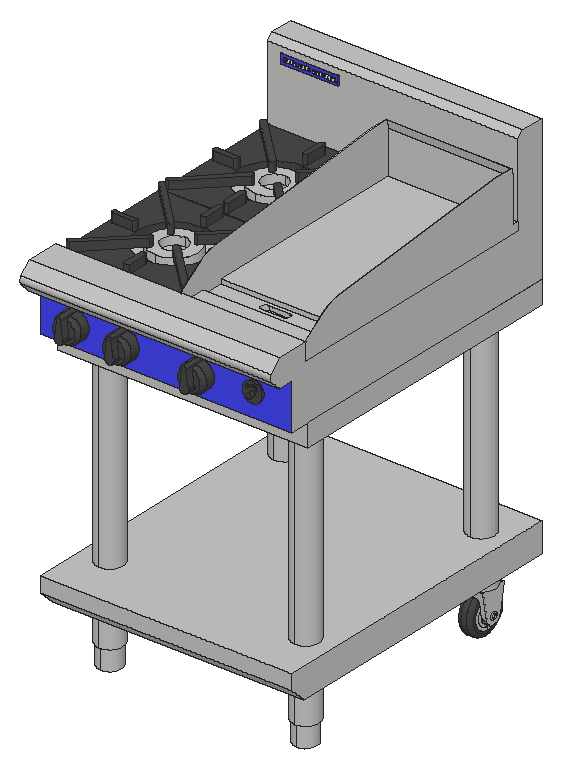
Revit family "QF_MOFFAT_BLUESEAL_CE_G514C-LS", category Specialty Equipment, Revit 2012
Parameters
  Weight in Pounds = 176  # constant formula
  URL Cutsheet = "www.moffat.com"
  URL = "www.moffat.com"
  Type Mark [instance] = ""
  Status [instance] = ""
  Specification by User [instance] = ""
  Specification by Manufacturer = ""
  Show Logo [instance] = yes
  Show Casters [instance] = yes
  Serial Number = ""
  Seismic Rating = ""
  SMACNA No = ""
  Revision Code [instance] = ""
  Omniclass Number and Title = ""
  NAFEM Spec ID Number = ""
  Model = "G514C-LS"
  Mechanical Remarks = ""
  Mechanical Connection Type = ""
  Masterspec = ""
  Manufacturer = "MOFFAT BLUESEAL"
  Legs [instance] = not(Show Casters)  # no
  Item Number [instance] = ""
  Installed By [instance] = ""
  Identify Quantity as Lot [instance] = yes
  Gas Size = 3/4"
  Gas RI Height = 0 mm
  Gas KW = 21
  Gas Input = 72034.0 Btu/h
  Gas Connection Height = 0 mm
  Furnished By [instance] = ""
  Foodservice Equipment Identifier [instance] = yes
  Description = "600MM GAS GRIDDLE PLATE ON LEG STAND"
  CSI MasterFormat = ""
  CSI Master Format = ""
  Base Height [instance] = 150 mm
Reference planes
  plane 1 "BACK": y = 0
  plane 2: z = 0
  plane 3 "LEFT": x = 0
  plane 4 "RIGHT": x = 600
  plane 5 "FRONT": y = -812
  plane 6 "TOP": z = 970
  plane 7 "Center Y": x = 300
  plane 8 "Center X": y = -406
  plane 9 "Base Height": z = 150
  plane 10: z = 915
  plane 11: y = -31
  plane 12: x = 470
  plane 13: z = 1085
  plane 14: y = -625
  plane 15: y = -100
  plane 16: z = 655
Forms (mm)
  Extrusion 1, solid, material "QF_Finishes_Stainless Steel"
    sketch origin (0, 0, 0) x (0, 1, 0) y (0, 0, 1)
      loop
        line (-749, 850) -> (-749, 740) -> (0, 740) -> (0, 1085) -> (-57.5, 1085) -> (-70, 1072.5) -> (-70, 875) -> (-705, 875) -> (-705, 915) -> (-783.97, 915) -> (-808.485, 890.485)
        arc (-808.485, 890.485) -> (-811.999, 882) -> (-808.485, 873.515) r 12
        line (-808.485, 873.515) -> (-784.97, 850) -> (-749, 850)
      loop
        line (0, 685) -> (0, 739.5) -> (-699, 739.5) -> (-699, 685) -> (0, 685)
      loop
        line (0, 222.5) -> (-749, 222.5) -> (-749, 186) -> (-713, 150) -> (0, 150) -> (0, 222.5)
    from 0 to 600
  Revolve 2, solid, material "QF_Finishes_Black"
    sketch origin (90, 7, 600) x (0, 1, 0) y (0, 0, -1)
      loop
        line (-789, -229.5) -> (-766, -229.5) -> (-766, -202) -> (-756, -202) -> (-756, -197) -> (-800, -197) -> (-800, -223.651) -> (-789, -229.5)
      axis (-800, -197) -> (-756, -197)
    angle from 0 to 360
  Extrusion 3, solid, material "QF_Finishes_Black"
    sketch origin (90, -759, 797) x (0, 0, 1) y (1, 0, 0)
      loop
        arc (32.192, -4.965) -> (37.079, 0.034) -> (32.192, 5.033) r 5
        line (32.192, 5.033) -> (-10.726, 10.453)
        arc (-10.726, 10.453) -> (-22.392, 0.618) -> (-11.893, -10.454) r 10.487
        line (-11.893, -10.454) -> (32.192, -4.965)
    from 0 to -49
  Extrusion 4, solid, material "QF_Finishes_Stainless Steel"
    sketch origin (0, 0, 222.5) x (0, -1, 0) y (1, 0, 0)
      loop
        circle (100, 65) r 31.75
      loop
        circle (625, 65) r 31.75
      loop
        circle (100, 535) r 31.75
      loop
        circle (625, 535) r 31.75
    from 0 to 462.5
  Revolve 5, solid, material "QF_Finishes_Stainless Steel", visible <- "Legs"
    sketch origin (65.5, -166, 0) x (0, 1, 0) y (0, 0, 1)
      loop
        line (34.25, 150) -> (34.25, 50) -> (38.5, 50) -> (38.5, 0) -> (66, 0) -> (66, 150) -> (34.25, 150)
      axis (66, 150) -> (66, 0)
    angle from 0 to 360
  Revolve 6, solid, material "QF_Finishes_Stainless Steel"
    sketch origin (65.5, -735, 0) x (0, 1, 0) y (0, 0, 1)
      loop
        line (78.25, 150) -> (78.25, 50) -> (82.5, 50) -> (82.5, 0) -> (110, 0) -> (110, 150) -> (78.25, 150)
      axis (110, 150) -> (110, 0)
    angle from 0 to 360
  Revolve 7, solid, material "QF_Finishes_Stainless Steel", visible <- "Legs"
    sketch origin (534.5, -166, 0) x (0, 1, 0) y (0, 0, -1)
      loop
        line (34.25, -150) -> (66, -150) -> (66, 0) -> (38.5, 0) -> (38.5, -50) -> (34.25, -50) -> (34.25, -150)
      axis (66, -150) -> (66, 0)
    angle from 0 to 360
  Revolve 8, solid, material "QF_Finishes_Stainless Steel"
    sketch origin (534.5, -728, 0) x (0, 1, 0) y (0, 0, -1)
      loop
        line (71.25, -150) -> (103, -150) -> (103, 0) -> (75.5, 0) -> (75.5, -50) -> (71.25, -50) -> (71.25, -150)
      axis (103, -150) -> (103, 0)
    angle from 0 to 360
  Revolve 9, solid, material "QF_Finishes_Black"
    sketch origin (390, 7, 600) x (0, 1, 0) y (0, 0, -1)
      loop
        line (-789, -229.5) -> (-766, -229.5) -> (-766, -202) -> (-756, -202) -> (-756, -197) -> (-800, -197) -> (-800, -223.651) -> (-789, -229.5)
      axis (-800, -197) -> (-756, -197)
    angle from 0 to 360
  Extrusion 10, solid, material "QF_Finishes_Black"
    sketch origin (390, -759, 797) x (0, 0, 1) y (1, 0, 0)
      loop
        arc (32.192, -4.965) -> (37.079, 0.034) -> (32.192, 5.033) r 5
        line (32.192, 5.033) -> (-10.726, 10.453)
        arc (-10.726, 10.453) -> (-22.392, 0.618) -> (-11.893, -10.454) r 10.487
        line (-11.893, -10.454) -> (32.192, -4.965)
    from 0 to -49
  Extrusion 11, solid, material "QF_Finishes_Black"
    sketch origin (0, -749, 850) x (0, 0, -1) y (1, 0, 0)
      loop
        circle (53, 510) r 23.9
      loop
        arc (41.701, 524.079) -> (35.116, 509.341) -> (42.919, 495.209) r 18.095
        arc (42.919, 495.209) -> (47.641, 496.491) -> (46.326, 501.204) r 3.448
        arc (46.326, 501.204) -> (42.758, 509.683) -> (45.641, 518.419) r 13.109
        arc (45.641, 518.419) -> (46.501, 523.219) -> (41.701, 524.079) r 3.448
    from 0 to 5
  Revolve 12, solid, material "QF_Finishes_Stainless Steel", visible <- "Show Casters"
    sketch origin (16.276, -100.755, -13.653) x (1, 0, 0) y (0, 0, 1)
      loop
        line (14.841, 63.604) -> (83.584, 63.604) -> (83.584, 67.109) -> (82.314, 68.379) -> (80.79, 68.379) -> (80.79, 71.826) -> (68.644, 71.826) -> (68.644, 81.79) -> (65.088, 83.843) -> (63.738, 92.179) -> (65.881, 92.179) -> (65.881, 98.529) -> (65.088, 98.529) -> (65.088, 104.879)
        arc (65.088, 104.879) -> (62.298, 111.614) -> (55.563, 114.404) r 9.525
        line (55.563, 114.404) -> (42.863, 114.404)
        arc (42.863, 114.404) -> (36.127, 111.614) -> (33.338, 104.879) r 9.525
        line (33.338, 104.879) -> (33.338, 98.529) -> (32.544, 98.529) -> (32.544, 92.179) -> (34.687, 92.179) -> (33.352, 83.932) -> (29.782, 81.871) -> (29.782, 71.826) -> (17.635, 71.826) -> (17.635, 68.379) -> (16.111, 68.379) -> (14.841, 67.109) -> (14.841, 63.604)
      axis (14.841, 63.604) -> (83.584, 63.604)
    angle from 0 to 360
  Extrusion 13, solid, material "QF_Finishes_Stainless Steel", visible <- "Show Casters"
    sketch origin (72.001, 132.353, -8.783) x (0, 1, 0) y (0, 0, 1)
      loop
        line (-200.603, 118.783) -> (-264.103, 118.783) -> (-251.746, 53.895)
        arc (-251.746, 53.895) -> (-232.353, 38.783) -> (-212.959, 53.895) r 20
        line (-212.959, 53.895) -> (-200.603, 118.783)
    from -35.667 to 22.923
  Revolve 14, solid, material "QF_Finishes_Stainless Steel", visible <- "Show Casters"
    sketch origin (65.5, -204, 0) x (0, 1, 0) y (0, 0, 1)
      loop
        line (68.25, 150) -> (68.25, 110) -> (104, 110) -> (104, 150) -> (68.25, 150)
      axis (104, 150) -> (104, 110)
    angle from 0 to 360
  Revolve 15, solid, material "QF_Finishes_Stainless Steel", visible <- "Legs"
    sketch origin (65.5, -166, 0) x (0, 1, 0) y (0, 0, 1)
      loop
        line (34.25, 150) -> (34.25, 50) -> (38.5, 50) -> (38.5, 0) -> (66, 0) -> (66, 150) -> (34.25, 150)
      axis (66, 150) -> (66, 0)
    angle from 0 to 360
  Revolve 16, solid, material "QF_Finishes_Stainless Steel", visible <- "Show Casters"
    sketch origin (485.276, -100.755, -13.653) x (1, 0, 0) y (0, 0, 1)
      loop
        line (14.841, 63.604) -> (83.584, 63.604) -> (83.584, 67.109) -> (82.314, 68.379) -> (80.79, 68.379) -> (80.79, 71.826) -> (68.644, 71.826) -> (68.644, 81.79) -> (65.088, 83.843) -> (63.738, 92.179) -> (65.881, 92.179) -> (65.881, 98.529) -> (65.088, 98.529) -> (65.088, 104.879)
        arc (65.088, 104.879) -> (62.298, 111.614) -> (55.563, 114.404) r 9.525
        line (55.563, 114.404) -> (42.863, 114.404)
        arc (42.863, 114.404) -> (36.127, 111.614) -> (33.338, 104.879) r 9.525
        line (33.338, 104.879) -> (33.338, 98.529) -> (32.544, 98.529) -> (32.544, 92.179) -> (34.687, 92.179) -> (33.352, 83.932) -> (29.782, 81.871) -> (29.782, 71.826) -> (17.635, 71.826) -> (17.635, 68.379) -> (16.111, 68.379) -> (14.841, 67.109) -> (14.841, 63.604)
      axis (14.841, 63.604) -> (83.584, 63.604)
    angle from 0 to 360
  Extrusion 17, solid, material "QF_Finishes_Stainless Steel", visible <- "Show Casters"
    sketch origin (541.001, 132.353, -8.783) x (0, 1, 0) y (0, 0, 1)
      loop
        line (-200.603, 118.783) -> (-264.103, 118.783) -> (-251.746, 53.895)
        arc (-251.746, 53.895) -> (-232.353, 38.783) -> (-212.959, 53.895) r 20
        line (-212.959, 53.895) -> (-200.603, 118.783)
    from -35.667 to 22.923
  Revolve 18, solid, material "QF_Finishes_Stainless Steel", visible <- "Show Casters"
    sketch origin (534.5, -204, 0) x (0, 1, 0) y (0, 0, 1)
      loop
        line (68.25, 150) -> (68.25, 110) -> (104, 110) -> (104, 150) -> (68.25, 150)
      axis (104, 150) -> (104, 110)
    angle from 0 to 360
  Extrusion 19, solid, material "QF_Finishes_Black"
    sketch origin (0, -754, 850) x (0, 0, -1) y (1, 0, 0)
      loop
        circle (56.5, 510) r 5.75
    from 0 to 10
  Revolve 20, solid, material "QF_Finishes_Black"
    sketch origin (210, 7, 599.5) x (0, 1, 0) y (0, 0, -1)
      loop
        line (-789, -229.5) -> (-766, -229.5) -> (-766, -202) -> (-756, -202) -> (-756, -197) -> (-800, -197) -> (-800, -223.651) -> (-789, -229.5)
      axis (-800, -197) -> (-756, -197)
    angle from 0 to 360
  Extrusion 21, solid, material "QF_Finishes_Black"
    sketch origin (210, -759, 796.5) x (0, 0, 1) y (1, 0, 0)
      loop
        arc (32.192, -4.965) -> (37.079, 0.034) -> (32.192, 5.033) r 5
        line (32.192, 5.033) -> (-10.726, 10.453)
        arc (-10.726, 10.453) -> (-22.392, 0.618) -> (-11.893, -10.454) r 10.487
        line (-11.893, -10.454) -> (32.192, -4.965)
    from 0 to -49
  Extrusion 22, solid, material "QF_Finishes_Stainless Steel"
    sketch origin (0, 0, 685) x (-1, 0, 0) y (0, 1, 0)
      loop
        circle (-470, -32) r 6.35
    from 0 to 30
Lines and regions (mm)
  Split face 1
    outline origin (0, -56.5, 1085) x (0, 1, 0) y (-1, 0, 0)
      loop
        arc (11.115, -264.794) -> (16.115, -273.455) -> (26.115, -273.455) r 10
        line (26.115, -273.455) -> (33.115, -269.413)
        arc (33.115, -269.413) -> (36.775, -265.753) -> (38.115, -260.753) r 10
        line (38.115, -260.753) -> (38.115, -32.794)
        arc (38.115, -32.794) -> (33.115, -24.134) -> (23.115, -24.134) r 10
        line (23.115, -24.134) -> (16.115, -28.176)
        arc (16.115, -28.176) -> (12.455, -31.836) -> (11.115, -36.836) r 10
        line (11.115, -36.836) -> (11.115, -264.794)
  Split face 2
    outline origin (0, -56.5, 1085) x (0, 1, 0) y (-1, 0, 0)
      loop
        arc (11.115, -564.794) -> (16.115, -573.455) -> (26.115, -573.455) r 10
        line (26.115, -573.455) -> (33.115, -569.413)
        arc (33.115, -569.413) -> (36.775, -565.753) -> (38.115, -560.753) r 10
        line (38.115, -560.753) -> (38.115, -332.794)
        arc (38.115, -332.794) -> (33.115, -324.134) -> (23.115, -324.134) r 10
        line (23.115, -324.134) -> (16.115, -328.176)
        arc (16.115, -328.176) -> (12.455, -331.836) -> (11.115, -336.836) r 10
        line (11.115, -336.836) -> (11.115, -564.794)
  symbolic lines, style "SpecialityEquipmentHiddenLines", visible <- "Show Casters"
    curve 1: line (78.456, -46.735, 0) -> (105.952, -62.61, 0)
    curve 2: line (27.656, -134.723, 0) -> (78.456, -46.735, 0)
    curve 3: line (55.152, -150.598, 0) -> (27.656, -134.723, 0)
    curve 4: line (105.952, -62.61, 0) -> (55.152, -150.598, 0)
    curve 5: line (548.456, -46.735, 0) -> (575.952, -62.61, 0)
    curve 6: line (497.656, -134.723, 0) -> (548.456, -46.735, 0)
    curve 7: line (525.152, -150.598, 0) -> (497.656, -134.723, 0)
    curve 8: line (575.952, -62.61, 0) -> (525.152, -150.598, 0)
  symbolic lines
    curve 9: line (260.753, -18.385, 0) -> (32.794, -18.385, 0)
    curve 10: arc (32.794, -18.385, 0) -> (24.134, -23.385, 0) -> (24.134, -33.385, 0) r 10
    curve 11: line (24.134, -33.385, 0) -> (28.176, -40.385, 0)
    curve 12: arc (28.176, -40.385, 0) -> (31.836, -44.045, 0) -> (36.836, -45.385, 0) r 10
    curve 13: line (36.836, -45.385, 0) -> (264.794, -45.385, 0)
    curve 14: arc (264.794, -45.385, 0) -> (273.455, -40.385, 0) -> (273.455, -30.385, 0) r 10
    curve 15: line (273.455, -30.385, 0) -> (269.413, -23.385, 0)
    curve 16: arc (269.413, -23.385, 0) -> (265.753, -19.725, 0) -> (260.753, -18.385, 0) r 10
    curve 17: line (332.794, -18.385, 0) -> (560.753, -18.385, 0)
    curve 18: arc (560.753, -18.385, 0) -> (565.753, -19.725, 0) -> (569.413, -23.385, 0) r 10
    curve 19: line (569.413, -23.385, 0) -> (573.455, -30.385, 0)
    curve 20: arc (573.455, -30.385, 0) -> (573.455, -40.385, 0) -> (564.794, -45.385, 0) r 10
    curve 21: line (564.794, -45.385, 0) -> (336.836, -45.385, 0)
    curve 22: arc (336.836, -45.385, 0) -> (331.836, -44.045, 0) -> (328.176, -40.385, 0) r 10
    curve 23: line (328.176, -40.385, 0) -> (324.134, -33.385, 0)
    curve 24: arc (324.134, -33.385, 0) -> (324.134, -23.385, 0) -> (332.794, -18.385, 0) r 10
    curve 25: line (0, -783.97, 0) -> (600, -783.97, 0)
    curve 26: line (0, 0, 0) -> (0, -811.999, 0)
    curve 27: line (600, -811.999, 0) -> (600, 0, 0)
    curve 28: line (600, -811.999, 0) -> (0, -811.999, 0)
    curve 29: line (0, -70, 0) -> (600, -70, 0)
    curve 30: line (0, -57.5, 0) -> (600, -57.5, 0)
    curve 31: line (600, 0, 0) -> (0, 0, 0)
Dimensions and locks
  equal spacing: plane 3 "LEFT", plane 7 "Center Y", plane 4 "RIGHT"
  plane 3 "LEFT" to plane 4 "RIGHT" = 600 mm
  equal spacing: plane 5 "FRONT", plane 8 "Center X", plane 1 "BACK"
  plane 5 "FRONT" to plane 1 "BACK" = 812 mm  (x2)
  equal spacing: plane 4 "RIGHT", plane 7 "Center Y", plane 3 "LEFT"
  plane 4 "RIGHT" to plane 3 "LEFT" = 600 mm
  "Base Height": plane 9 "Base Height" to level
  plane 6 "TOP" to level = 970 mm
  plane 10 to level = 915 mm
  plane 11 to plane 1 "BACK" = 31 mm
  plane 12 to plane 4 "RIGHT" = 130 mm
  plane 13 to plane 2 = 1085 mm
  Revolve 12 sketch curve to Revolve 12 sketch curve = 50.8 mm
  Revolve 16 sketch curve to Revolve 16 sketch curve = 50.8 mm
  plane 16 to plane 2 = 655 mm
  Extrusion 22 sketch curve to plane 1 "BACK" = 32 mm
  aligned and locked: level to plane 2
Automatic sketch dimensions
  plane 1 "BACK" to curve 31 = 0 mm
  curve 31 to plane 3 "LEFT" = 0 mm
  curve 27 to plane 4 "RIGHT" = 0 mm
  plane 3 "LEFT" to curve 3 = 27.656 mm
  curve 10 to plane 11 = 2.385 mm
  plane 3 "LEFT" to curve 10 = 24.134 mm
  curve 11 to curve 12 = 4.041 mm
  curve 10 to curve 9 = 8.66 mm
  curve 12 to plane 11 = 4.385 mm
  curve 10 to curve 12 = 4.041 mm
  curve 2 to curve 3 = 27.496 mm
  curve 2 to plane 11 = 15.735 mm
  curve 12 to curve 2 = 41.62 mm
  plane 11 to curve 9 = 12.615 mm
  curve 9 to plane 7 "Center Y" = 39.247 mm
  curve 14 to plane 11 = 4.385 mm
  curve 16 to curve 14 = 4.041 mm
  plane 11 to curve 15 = 7.615 mm
  curve 16 to curve 15 = 8.66 mm
  plane 11 to curve 14 = 0.615 mm
  curve 15 to curve 14 = 4.041 mm
  curve 24 to plane 11 = 2.385 mm
  plane 7 "Center Y" to curve 24 = 24.134 mm
  curve 23 to plane 11 = 9.385 mm
  curve 23 to curve 23 = 4.041 mm
  plane 11 to curve 17 = 12.615 mm
  curve 24 to curve 17 = 8.66 mm
  curve 23 to curve 22 = 8.66 mm
  plane 12 to curve 7 = 27.656 mm
  curve 6 to curve 8 = 27.496 mm
  curve 6 to plane 11 = 15.735 mm
  plane 4 "RIGHT" to curve 6 = 51.544 mm
  curve 5 to curve 18 = 12.297 mm
  curve 5 to curve 21 = 16.339 mm
  plane 11 to curve 19 = 7.615 mm
  curve 17 to curve 19 = 8.66 mm
  plane 11 to curve 20 = 0.615 mm
  curve 18 to curve 20 = 4.041 mm
  curve 30 to plane 11 = 26.5 mm
  curve 4 to curve 1 = 15.875 mm
  curve 5 to curve 30 = 5.11 mm
  curve 29 to curve 30 = 12.5 mm
  curve 25 to plane 5 "FRONT" = 28.03 mm
  curve 28 to plane 5 "FRONT" = 0.001 mm
  curve 22 to curve 23 = 5 mm
  plane 10 to Extrusion 1 sketch curve = 0 mm
  Extrusion 1 sketch curve to plane 9 "Base Height" = 0 mm
  plane 13 to Extrusion 1 sketch curve = 0 mm
  Extrusion 1 sketch curve to plane 1 "BACK" = 0 mm  (x3)
  Extrusion 1 sketch curve to plane 11 = 26.5 mm
  plane 13 to Extrusion 1 sketch curve = 12.5 mm
  Extrusion 1 sketch curve to Extrusion 1 sketch curve = 12.5 mm
  plane 14 to Extrusion 1 sketch curve = 74 mm
  plane 14 to Extrusion 1 sketch curve = 80 mm
  plane 14 to Extrusion 1 sketch curve = 88 mm
  Extrusion 1 sketch curve to Extrusion 1 sketch curve = 44 mm
  Extrusion 1 sketch curve to Extrusion 1 sketch curve = 36 mm
  Extrusion 1 sketch curve to plane 5 "FRONT" = 28.03 mm
  Extrusion 1 sketch curve to plane 5 "FRONT" = 27.03 mm
  Extrusion 1 sketch curve to plane 5 "FRONT" = 12.001 mm
  Extrusion 1 sketch curve to plane 5 "FRONT" = 3.515 mm  (x2)
  plane 9 "Base Height" to Extrusion 1 sketch curve = 36 mm
  plane 9 "Base Height" to Extrusion 1 sketch curve = 72.5 mm
  Extrusion 1 sketch curve to Extrusion 1 sketch curve = 0.5 mm
  plane 10 to Extrusion 1 sketch curve = 65 mm
  Extrusion 1 sketch curve to Extrusion 1 sketch curve = 23.515 mm
  plane 10 to Extrusion 1 sketch curve = 40 mm
  Extrusion 1 sketch curve to Extrusion 1 sketch curve = 8.485 mm
  Revolve 2 sketch curve to plane 5 "FRONT" = 19 mm
  Revolve 2 sketch curve to Revolve 2 sketch curve = 0 mm  (x2)
  Revolve 2 sketch curve to Revolve 2 sketch curve = 11 mm
  Revolve 2 sketch curve to Revolve 2 sketch curve = 12.7 mm
  Revolve 2 sketch curve to Revolve 2 sketch curve = 23 mm
  Revolve 2 sketch curve to Revolve 2 sketch curve = 10 mm
  plane 10 to Revolve 2 sketch curve = 85.5 mm
  Revolve 2 sketch curve to Revolve 2 sketch curve = 5.849 mm
  Revolve 2 sketch curve to Revolve 2 sketch curve = 27.5 mm
  Revolve 2 sketch curve to Revolve 2 sketch curve = 5 mm
  Extrusion 3 sketch curve to Revolve 2 = 0.034 mm  (x2)
  Revolve 2 to Extrusion 3 sketch curve = 10.454 mm
  Extrusion 3 sketch curve to Extrusion 3 sketch curve = 0.028 mm
  Extrusion 3 sketch curve to Revolve 2 = 10.453 mm
  Extrusion 3 sketch curve to Extrusion 3 sketch curve = 44 mm
  Extrusion 3 sketch curve to Revolve 2 = 5.033 mm
  Extrusion 3 sketch curve to Extrusion 3 sketch curve = 0.113 mm
  Revolve 2 to Extrusion 3 sketch curve = 4.965 mm
  Extrusion 4 sketch curve to Extrusion 4 sketch curve = 0 mm  (x8)
  Extrusion 1 to Extrusion 4 sketch curve = 68.25 mm  (x2)
  Extrusion 4 sketch curve to Extrusion 4 sketch curve = 31.75 mm  (x4)
  Extrusion 4 sketch curve to Extrusion 1 = 155.75 mm  (x2)
  Extrusion 1 to Extrusion 4 sketch curve = 65 mm  (x4)
  Revolve 5 sketch curve to plane 9 "Base Height" = 0 mm
  Revolve 5 sketch curve to level = 0 mm
  Revolve 5 sketch curve to plane 15 = 0 mm  (x2)
  Revolve 5 sketch curve to Revolve 5 sketch curve = 27.5 mm
  Revolve 5 sketch curve to Revolve 5 sketch curve = 31.75 mm
  Revolve 5 sketch curve to Revolve 5 sketch curve = 55 mm
  level to Revolve 5 sketch curve = 50 mm
  Revolve 5 sketch curve to Revolve 5 sketch curve = 0 mm
  Revolve 6 sketch curve to plane 9 "Base Height" = 0 mm
  Revolve 6 sketch curve to level = 0 mm
  Revolve 6 sketch curve to plane 14 = 0 mm  (x2)
  Revolve 6 sketch curve to Revolve 6 sketch curve = 27.5 mm
  Revolve 6 sketch curve to Revolve 6 sketch curve = 31.75 mm
  Revolve 6 sketch curve to Revolve 6 sketch curve = 55 mm
  level to Revolve 6 sketch curve = 50 mm
  Revolve 6 sketch curve to Revolve 6 sketch curve = 0 mm
  Revolve 7 sketch curve to plane 9 "Base Height" = 0 mm
  Revolve 7 sketch curve to level = 0 mm
  Revolve 7 sketch curve to plane 15 = 0 mm  (x2)
  plane 15 to Revolve 7 sketch curve = 27.5 mm
  plane 15 to Revolve 7 sketch curve = 31.75 mm
  level to Revolve 7 sketch curve = 50 mm
  Revolve 7 sketch curve to Revolve 7 sketch curve = 0 mm
  Revolve 7 sketch curve to Revolve 7 sketch curve = 55 mm
  Revolve 8 sketch curve to plane 9 "Base Height" = 0 mm
  Revolve 8 sketch curve to level = 0 mm
  Revolve 8 sketch curve to plane 14 = 0 mm  (x2)
  plane 14 to Revolve 8 sketch curve = 27.5 mm
  plane 14 to Revolve 8 sketch curve = 31.75 mm
  level to Revolve 8 sketch curve = 50 mm
  Revolve 8 sketch curve to Revolve 8 sketch curve = 0 mm
  Revolve 8 sketch curve to Revolve 8 sketch curve = 55 mm
  Revolve 9 sketch curve to plane 5 "FRONT" = 19 mm
  Revolve 9 sketch curve to Revolve 9 sketch curve = 0 mm  (x2)
  Revolve 9 sketch curve to Revolve 9 sketch curve = 11 mm
  Revolve 9 sketch curve to Revolve 9 sketch curve = 12.7 mm
  Revolve 9 sketch curve to Revolve 9 sketch curve = 23 mm
  Revolve 9 sketch curve to Revolve 9 sketch curve = 10 mm
  plane 10 to Revolve 9 sketch curve = 85.5 mm
  Revolve 9 sketch curve to Revolve 9 sketch curve = 5.849 mm
  Revolve 9 sketch curve to Revolve 9 sketch curve = 27.5 mm
  Revolve 9 sketch curve to Revolve 9 sketch curve = 5 mm
  Extrusion 10 sketch curve to Revolve 9 = 0.034 mm  (x2)
  Revolve 9 to Extrusion 10 sketch curve = 10.454 mm
  Extrusion 10 sketch curve to Extrusion 10 sketch curve = 0.028 mm
  Extrusion 10 sketch curve to Revolve 9 = 10.453 mm
  Extrusion 10 sketch curve to Extrusion 10 sketch curve = 44 mm
  Extrusion 10 sketch curve to Revolve 9 = 5.033 mm
  Extrusion 10 sketch curve to Extrusion 10 sketch curve = 0.113 mm
  Revolve 9 to Extrusion 10 sketch curve = 4.965 mm
  Extrusion 11 sketch curve to Extrusion 1 = 41.701 mm
  Extrusion 11 sketch curve to Extrusion 11 sketch curve = 1.218 mm
  Extrusion 11 sketch curve to Extrusion 11 sketch curve = 1.97 mm  (x2)
  Extrusion 11 sketch curve to Extrusion 11 sketch curve = 1.724 mm
  Extrusion 11 sketch curve to Extrusion 11 sketch curve = 1.683 mm
  Extrusion 11 sketch curve to Extrusion 11 sketch curve = 6.674 mm
  Extrusion 11 sketch curve to Extrusion 11 sketch curve = 0.195 mm
  Extrusion 11 sketch curve to Extrusion 11 sketch curve = 2.662 mm
  Extrusion 1 to Extrusion 11 sketch curve = 104.791 mm
  Extrusion 11 sketch curve to Extrusion 11 sketch curve = 2.986 mm
  Extrusion 11 sketch curve to Extrusion 11 sketch curve = 8.796 mm
  Extrusion 11 sketch curve to Extrusion 11 sketch curve = 0.103 mm
  Extrusion 11 sketch curve to Extrusion 11 sketch curve = 0.102 mm
  plane 3 "LEFT" to Revolve 12 sketch curve = 31.118 mm
  Revolve 12 sketch curve to Revolve 12 sketch curve = 1.27 mm  (x4)
  Revolve 12 sketch curve to Revolve 12 sketch curve = 1.524 mm  (x2)
  Revolve 12 sketch curve to Revolve 12 sketch curve = 12.146 mm  (x2)
  Revolve 12 sketch curve to Revolve 12 sketch curve = 2.762 mm
  Revolve 12 sketch curve to Revolve 12 sketch curve = 0.794 mm  (x2)
  Revolve 12 sketch curve to Revolve 12 sketch curve = 3.57 mm
  Revolve 12 sketch curve to Revolve 12 sketch curve = 2.143 mm
  Revolve 12 sketch curve to Revolve 12 sketch curve = 9.525 mm
  Revolve 12 sketch curve to Revolve 12 sketch curve = 24.572 mm
  Revolve 12 sketch curve to Revolve 12 sketch curve = 12.7 mm
  Revolve 12 sketch curve to Revolve 12 sketch curve = 8.176 mm
  Revolve 12 sketch curve to Revolve 12 sketch curve = 1.349 mm  (x2)
  Revolve 12 sketch curve to Revolve 12 sketch curve = 3.556 mm
  Revolve 12 sketch curve to Revolve 12 sketch curve = 33.32 mm
  level to Revolve 12 sketch curve = 49.952 mm
  Revolve 12 sketch curve to Revolve 12 sketch curve = 0 mm
  Revolve 12 sketch curve to Revolve 12 sketch curve = 3.505 mm  (x2)
  Revolve 12 sketch curve to Revolve 12 sketch curve = 3.447 mm  (x2)
  Revolve 12 sketch curve to Revolve 12 sketch curve = 9.964 mm
  Revolve 12 sketch curve to Revolve 12 sketch curve = 10.045 mm
  Revolve 12 sketch curve to Revolve 12 sketch curve = 2.053 mm
  Revolve 12 sketch curve to Revolve 12 sketch curve = 2.061 mm
  Revolve 12 sketch curve to Revolve 12 sketch curve = 8.247 mm
  Revolve 12 sketch curve to Revolve 12 sketch curve = 8.336 mm
  Revolve 12 sketch curve to Revolve 12 sketch curve = 6.35 mm  (x2)
  Extrusion 13 sketch curve to plane 15 = 0 mm
  plane 15 to Extrusion 13 sketch curve = 19.393 mm
  plane 15 to Extrusion 13 sketch curve = 31.75 mm
  Extrusion 13 sketch curve to plane 15 = 19.393 mm
  Extrusion 13 sketch curve to plane 15 = 31.75 mm
  level to Extrusion 13 sketch curve = 45.111 mm
  Extrusion 13 sketch curve to Extrusion 13 sketch curve = 4.889 mm
  Extrusion 13 sketch curve to plane 9 "Base Height" = 40 mm
  Revolve 14 sketch curve to plane 9 "Base Height" = 0 mm
  Revolve 14 sketch curve to plane 15 = 0 mm  (x2)
  plane 15 to Revolve 14 sketch curve = 35.75 mm
  Revolve 14 sketch curve to Revolve 14 sketch curve = 40 mm
  level to Revolve 14 sketch curve = 50 mm
  Revolve 14 sketch curve to level = 55 mm
  Revolve 15 sketch curve to plane 9 "Base Height" = 0 mm
  Revolve 15 sketch curve to level = 0 mm
  Revolve 15 sketch curve to plane 15 = 0 mm  (x2)
  Revolve 15 sketch curve to Revolve 15 sketch curve = 27.5 mm
  Revolve 15 sketch curve to Revolve 15 sketch curve = 31.75 mm
  Revolve 15 sketch curve to Revolve 15 sketch curve = 55 mm
  level to Revolve 15 sketch curve = 50 mm
  Revolve 15 sketch curve to Revolve 15 sketch curve = 0 mm
  plane 12 to Revolve 16 sketch curve = 30.118 mm
  Revolve 16 sketch curve to Revolve 16 sketch curve = 1.27 mm  (x4)
  Revolve 16 sketch curve to Revolve 16 sketch curve = 1.524 mm  (x2)
  Revolve 16 sketch curve to Revolve 16 sketch curve = 12.146 mm  (x2)
  Revolve 16 sketch curve to Revolve 16 sketch curve = 2.762 mm
  Revolve 16 sketch curve to Revolve 16 sketch curve = 0.794 mm  (x2)
  Revolve 16 sketch curve to Revolve 16 sketch curve = 3.57 mm
  Revolve 16 sketch curve to Revolve 16 sketch curve = 2.143 mm
  Revolve 16 sketch curve to Revolve 16 sketch curve = 9.525 mm
  Revolve 16 sketch curve to Revolve 16 sketch curve = 24.572 mm
  Revolve 16 sketch curve to Revolve 16 sketch curve = 12.7 mm
  Revolve 16 sketch curve to Revolve 16 sketch curve = 8.176 mm
  Revolve 16 sketch curve to Revolve 16 sketch curve = 1.349 mm  (x2)
  Revolve 16 sketch curve to Revolve 16 sketch curve = 3.556 mm
  Revolve 16 sketch curve to plane 4 "RIGHT" = 2.18 mm
  level to Revolve 16 sketch curve = 49.952 mm
  Revolve 16 sketch curve to Revolve 16 sketch curve = 0 mm
  Revolve 16 sketch curve to Revolve 16 sketch curve = 3.505 mm  (x2)
  Revolve 16 sketch curve to Revolve 16 sketch curve = 3.447 mm  (x2)
  Revolve 16 sketch curve to Revolve 16 sketch curve = 9.964 mm
  Revolve 16 sketch curve to Revolve 16 sketch curve = 10.045 mm
  Revolve 16 sketch curve to Revolve 16 sketch curve = 2.053 mm
  Revolve 16 sketch curve to Revolve 16 sketch curve = 2.061 mm
  Revolve 16 sketch curve to Revolve 16 sketch curve = 8.247 mm
  Revolve 16 sketch curve to Revolve 16 sketch curve = 8.336 mm
  Revolve 16 sketch curve to Revolve 16 sketch curve = 6.35 mm  (x2)
  Extrusion 17 sketch curve to plane 15 = 0 mm
  plane 15 to Extrusion 17 sketch curve = 19.393 mm
  plane 15 to Extrusion 17 sketch curve = 31.75 mm
  Extrusion 17 sketch curve to plane 15 = 19.393 mm
  Extrusion 17 sketch curve to plane 15 = 31.75 mm
  level to Extrusion 17 sketch curve = 45.111 mm
  Extrusion 17 sketch curve to Extrusion 17 sketch curve = 4.889 mm
  Extrusion 17 sketch curve to plane 9 "Base Height" = 40 mm
  Revolve 18 sketch curve to plane 9 "Base Height" = 0 mm
  Revolve 18 sketch curve to plane 15 = 0 mm  (x2)
  Revolve 18 sketch curve to Revolve 18 sketch curve = 35.75 mm
  Revolve 18 sketch curve to Revolve 18 sketch curve = 40 mm
  level to Revolve 18 sketch curve = 50 mm
  Revolve 18 sketch curve to level = 55 mm
  Revolve 20 sketch curve to plane 5 "FRONT" = 19 mm
  Revolve 20 sketch curve to Revolve 20 sketch curve = 0 mm  (x2)
  Revolve 20 sketch curve to Revolve 20 sketch curve = 11 mm
  Revolve 20 sketch curve to Revolve 20 sketch curve = 12.7 mm
  Revolve 20 sketch curve to Revolve 20 sketch curve = 23 mm
  Revolve 20 sketch curve to Revolve 20 sketch curve = 10 mm
  plane 10 to Revolve 20 sketch curve = 86 mm
  Revolve 20 sketch curve to Revolve 20 sketch curve = 5.849 mm
  Revolve 20 sketch curve to Revolve 20 sketch curve = 27.5 mm
  Revolve 20 sketch curve to Revolve 20 sketch curve = 5 mm
  Extrusion 21 sketch curve to Revolve 20 = 0.034 mm  (x2)
  Revolve 20 to Extrusion 21 sketch curve = 10.454 mm
  Extrusion 21 sketch curve to Extrusion 21 sketch curve = 0.028 mm
  Extrusion 21 sketch curve to Revolve 20 = 10.453 mm
  Extrusion 21 sketch curve to Extrusion 21 sketch curve = 44 mm
  Extrusion 21 sketch curve to Revolve 20 = 5.033 mm
  Extrusion 21 sketch curve to Extrusion 21 sketch curve = 0.113 mm
  Revolve 20 to Extrusion 21 sketch curve = 4.965 mm
  Extrusion 22 sketch curve to Extrusion 1 = 130 mm
  Extrusion 22 sketch curve to Extrusion 22 sketch curve = 6.35 mm
  Extrusion 1 sketch curve to Extrusion 1 sketch curve = 165 mm
  Extrusion 1 sketch curve to Extrusion 1 sketch curve = 54.5 mm
  Split face 1 sketch curve to Extrusion 1 = 12.115 mm
  Split face 1 sketch curve to Split face 1 sketch curve = 5 mm  (x3)
  Split face 1 sketch curve to Split face 1 sketch curve = 10 mm  (x2)
  Split face 1 sketch curve to Split face 1 sketch curve = 7 mm  (x4)
  Split face 1 sketch curve to Extrusion 1 = 273.455 mm
  Split face 1 sketch curve to Split face 1 sketch curve = 4.041 mm  (x2)
  Split face 1 sketch curve to Extrusion 1 = 36.836 mm
  Split face 2 sketch curve to Extrusion 1 = 12.115 mm
  Split face 2 sketch curve to Split face 2 sketch curve = 5 mm  (x3)
  Split face 2 sketch curve to Split face 2 sketch curve = 10 mm  (x2)
  Split face 2 sketch curve to Split face 2 sketch curve = 7 mm  (x4)
  Split face 2 sketch curve to Extrusion 1 = 26.545 mm
  Split face 2 sketch curve to Split face 2 sketch curve = 4.041 mm  (x2)
  Split face 2 sketch curve to Split face 2 sketch curve = 223.917 mm
  radius of Extrusion 11 sketch curve = 23.9 mm
  radius of Extrusion 19 sketch curve = 5.75 mm
Nested families
  nested 1: "WALDORF LOGO_FACE BASE" at (32, -70, 1057.475) x (1, 0, 0) z (0, -1, 0), visible <- "Show Logo", type "WALDORF LOGO_FACE BASE", detail levels medium+fine
    with Show Logo yes
  nested 2: "GAS BURNER & GRIDDLE 300" at (0, -70, 874.5), type "GAS BURNER & GRIDDLE 300"
    with Width 600 mm, Type Mark "", Status "", Specification by User "", Revision Code "", Item Number "", Installed By "", Identify Quantity as Lot yes, Furnished By "", Foodservice Equipment Identifier yes, Depth 635 mm
Connectors
  piping at (470, -32, 655)
    settings: on Extrusion 22, index 1, connector radius 0.37402", flow factor 0, pipe flow 0 GPM, pressure drop 0.00 psi, fitting loss kfactor 0, connector angle 0.00°, fixture units 0, engagement length 0 mm, flow configuration 1, flow direction 1, fitting loss method 0, system type 7, joint type 0, gender type 0, connector reference index -1, connector utility 0, adjustable connector no, is connector primary yes, fitting loss table "", connector description "GAS CONNECTION"
Definition of nested family "WALDORF LOGO_FACE BASE"
  Parameters (values of type "WALDORF LOGO_FACE BASE")
    Show Logo [instance] = yes
    Default Elevation = 1219.2 mm
  Reference planes
    plane 1 "Center (Front/Back)": y = 0
    plane 2: z = 0
    plane 3 "Center (Left/Right)": x = 0
  Forms (mm)
    Extrusion 1, solid
      sketch origin (0, 0, 0) x (1, 0, 0) y (0, 1, 0)
        loop
          line (-1219.2, 1219.2) -> (-1219.2, -1219.2) -> (1219.2, -1219.2) -> (1219.2, 1219.2) -> (-1219.2, 1219.2)
      from 0 to -304.8
    Extrusion 2, solid, material "QF_Finishes_Blue", visible <- "Show Logo"
      sketch origin (0, -33.217, 0) x (1, 0, 0) y (0, 1, 0)
        loop
          arc (138, 31.942) -> (137.626, 32.844) -> (136.724, 33.217) r 1.276
          line (136.724, 33.217) -> (1.29, 33.217)
          arc (1.29, 33.217) -> (0.378, 32.839) -> (0, 31.927) r 1.29
          line (0, 31.927) -> (0, 11.507)
          arc (0, 11.507) -> (0.378, 10.595) -> (1.29, 10.217) r 1.29
          line (1.29, 10.217) -> (136.71, 10.217)
          arc (136.71, 10.217) -> (137.622, 10.595) -> (138, 11.507) r 1.29
          line (138, 11.507) -> (138, 31.942)
      from 0 to 1.588
    Extrusion 3, solid, material "QF_Finishes_White", visible <- "Show Logo"
      sketch origin (0, -33.217, 1.588) x (1, 0, 0) y (0, 1, 0)
        loop
          arc (108.946, 25.919) -> (107.613, 25.367) -> (107.061, 24.034) r 1.885
          line (107.061, 24.034) -> (107.061, 17.211) -> (112.704, 17.211) -> (112.704, 19.129) -> (115.546, 19.129) -> (115.546, 17.211) -> (121.584, 17.211) -> (121.584, 24.075)
          arc (121.584, 24.075) -> (121.043, 25.379) -> (119.739, 25.919) r 1.845
          line (119.739, 25.919) -> (108.946, 25.919)
        loop
          line (123.478, 25.919) -> (123.478, 17.163) -> (134.904, 17.163) -> (134.904, 19.129) -> (129.246, 19.129) -> (129.246, 25.919) -> (123.478, 25.919)
        loop
          line (112.704, 21.258) -> (115.546, 21.258) -> (115.546, 22.702)
          arc (115.546, 22.702) -> (115.344, 23.188) -> (114.858, 23.389) r 0.687
          line (114.858, 23.389) -> (113.363, 23.389)
          arc (113.363, 23.389) -> (112.897, 23.196) -> (112.704, 22.73) r 0.658
          line (112.704, 22.73) -> (112.704, 21.258)
        loop
          line (105.071, 25.919) -> (93.771, 25.919) -> (93.771, 17.163) -> (105.071, 17.163) -> (105.071, 19.063) -> (99.535, 19.063) -> (99.535, 20.437) -> (105.071, 20.437) -> (105.071, 22.278) -> (99.535, 22.278) -> (99.535, 23.587) -> (105.071, 23.587) -> (105.071, 25.919)
        loop
          line (91.104, 25.919) -> (79.541, 25.919)
          arc (79.541, 25.919) -> (78.558, 25.513) -> (78.152, 24.53) r 1.389
          line (78.152, 24.53) -> (78.152, 22.08)
          arc (78.152, 22.08) -> (78.558, 21.098) -> (79.541, 20.691) r 1.389
          line (79.541, 20.691) -> (86.346, 20.691) -> (86.346, 18.864) -> (83.266, 18.864) -> (83.266, 19.664) -> (78.152, 19.664) -> (78.152, 18.553)
          arc (78.152, 18.553) -> (78.558, 17.57) -> (79.541, 17.163) r 1.389
          line (79.541, 17.163) -> (91.063, 17.163)
          arc (91.063, 17.163) -> (92.045, 17.57) -> (92.452, 18.553) r 1.389
          line (92.452, 18.553) -> (92.452, 20.691)
          arc (92.452, 20.691) -> (92.045, 21.673) -> (91.063, 22.08) r 1.389
          line (91.063, 22.08) -> (83.266, 22.08) -> (83.266, 23.984) -> (86.346, 23.984) -> (86.346, 22.743) -> (92.452, 22.743) -> (92.452, 24.571)
          arc (92.452, 24.571) -> (92.057, 25.524) -> (91.104, 25.919) r 1.348
        loop
          line (70.705, 25.919) -> (59.405, 25.919) -> (59.405, 17.163) -> (70.705, 17.163) -> (70.705, 19.063) -> (65.169, 19.063) -> (65.169, 20.437) -> (70.705, 20.437) -> (70.705, 22.278) -> (65.169, 22.278) -> (65.169, 23.587) -> (70.705, 23.587) -> (70.705, 25.919)
        loop
          line (57.598, 25.919) -> (51.7, 25.919) -> (51.7, 20.18)
          arc (51.7, 20.18) -> (50.63, 19.11) -> (49.56, 20.18) r 1.07
          line (49.56, 20.18) -> (49.56, 25.919) -> (43.663, 25.919) -> (43.663, 19.049)
          arc (43.663, 19.049) -> (44.215, 17.716) -> (45.548, 17.163) r 1.885
          line (45.548, 17.163) -> (55.71, 17.163)
          arc (55.71, 17.163) -> (57.045, 17.716) -> (57.598, 19.051) r 1.887
          line (57.598, 19.051) -> (57.598, 25.919)
        loop
          line (31.62, 25.919) -> (31.62, 17.163) -> (43.046, 17.163) -> (43.046, 19.129) -> (37.388, 19.129) -> (37.388, 25.919) -> (31.62, 25.919)
        loop
          line (15.969, 25.919) -> (15.969, 17.163) -> (28.693, 17.163)
          arc (28.693, 17.163) -> (29.812, 17.627) -> (30.276, 18.746) r 1.582
          line (30.276, 18.746) -> (30.276, 20.447) -> (29.48, 21.243) -> (30.276, 22.039) -> (30.276, 24.332)
          arc (30.276, 24.332) -> (29.811, 25.454) -> (28.688, 25.919) r 1.587
          line (28.688, 25.919) -> (15.969, 25.919)
        loop
          line (21.449, 24.159) -> (21.449, 22.436) -> (23.862, 22.436)
          arc (23.862, 22.436) -> (24.723, 23.298) -> (23.862, 24.159) r 0.861
          line (23.862, 24.159) -> (21.449, 24.159)
        loop
          line (21.449, 20.244) -> (21.449, 18.522) -> (23.862, 18.522)
          arc (23.862, 18.522) -> (24.723, 19.383) -> (23.862, 20.244) r 0.861
          line (23.862, 20.244) -> (21.449, 20.244)
      from 0 to 0.2
    Extrusion 4, solid, material "QF_Finishes_Blue", visible <- "Show Logo"
      sketch origin (-126.498, -31.09, 1.588) x (1, 0, 0) y (0, 1, 0)
        loop
          line (136.738, 23.522) -> (136.738, 15.1)
          arc (136.738, 15.1) -> (140.756, 19.311) -> (136.738, 23.522) r 4.216
      from 0 to 0.2
    Extrusion 5, solid, material "QF_Finishes_Red", visible <- "Show Logo"
      sketch origin (146.849, -31.09, 1.588) x (-1, 0, 0) y (0, -1, 0)
        loop
          arc (136.738, -23.522) -> (140.756, -19.311) -> (136.738, -15.1) r 4.216
          line (136.738, -15.1) -> (136.738, -23.522)
      from 0 to 0.2
  Lines and regions (mm)
    Split face 1
      outline origin (-90.35, -30.793, 1.588) x (1, 0, 0) y (0, 1, 0)
        loop
          circle (100.54, 19.013) r 4.536
  Dimensions and locks
    aligned and locked: plane 2 to Extrusion 1
    aligned and locked: level to Extrusion 1
Definition of nested family "GAS BURNER & GRIDDLE 300"
  Parameters (values of type "GAS BURNER & GRIDDLE 300")
    Width [instance] = 600 mm
    Weight in Pounds = 0
    URL Cutsheet = ""
    Type Mark [instance] = ""
    Status [instance] = ""
    Specification by User [instance] = ""
    Specification by Manufacturer = ""
    Serial Number = ""
    Seismic Rating = ""
    SMACNA No = ""
    Revision Code [instance] = ""
    Omniclass Number and Title = ""
    NAFEM Spec ID Number = ""
    Masterspec = ""
    Item Number [instance] = ""
    Installed By [instance] = ""
    Identify Quantity as Lot [instance] = yes
    Furnished By [instance] = ""
    Foodservice Equipment Identifier [instance] = yes
    Depth [instance] = 635 mm
    CSI MasterFormat = ""
    CSI Master Format = ""
  Reference planes
    plane 1 "BACK": y = 0
    plane 2: z = 0
    plane 3 "LEFT": x = 0
    plane 4 "RIGHT": x = 600
    plane 5 "FRONT": y = -635
    plane 6 "TOP": z = 142.5
    plane 7 "Center Y": x = 300
    plane 8 "Center X": y = -317.5
  Forms (mm)
    Extrusion 1, solid, material "QF_Finishes_Black"
      sketch origin (0, 0, 0) x (0, -1, 0) y (1, 0, 0)
        loop
          line (318.5, 4) -> (318.5, 296)
          arc (318.5, 296) -> (317.621, 298.121) -> (315.5, 299) r 3
          line (315.5, 299) -> (3, 299)
          arc (3, 299) -> (0.879, 298.121) -> (0, 296) r 3
          line (0, 296) -> (0, 4)
          arc (0, 4) -> (0.879, 1.879) -> (3, 1) r 3
          line (3, 1) -> (315.5, 1)
          arc (315.5, 1) -> (317.621, 1.879) -> (318.5, 4) r 3
        loop
          line (324.5, 1) -> (632, 1)
          arc (632, 1) -> (634.121, 1.879) -> (635, 4) r 3
          line (635, 4) -> (635, 296)
          arc (635, 296) -> (634.121, 298.121) -> (632, 299) r 3
          line (632, 299) -> (324.5, 299)
          arc (324.5, 299) -> (322.379, 298.121) -> (321.5, 296) r 3
          line (321.5, 296) -> (321.5, 4)
          arc (321.5, 4) -> (322.379, 1.879) -> (324.5, 1) r 3
        loop
          circle (168.5, 149.991) r 84.082
        loop
          circle (468.5, 149.991) r 84.082
      from 0 to 19.5
    Extrusion 2, solid, material "QF_Finishes_Black"
      sketch origin (0, 0, 19.5) x (0, -1, 0) y (1, 0, 0)
        loop
          spline (326.102, 15.153) -> (325.181, 13.924) -> (324.631, 12.47) -> (324.49, 10.89) -> (324.767, 9.292) -> (325.443, 7.786) -> (326.473, 6.473) -> (327.786, 5.443) -> (329.292, 4.767) -> (330.89, 4.49) -> (332.47, 4.631) -> (333.924, 5.181) -> (335.153, 6.102)
          line (335.153, 6.102) -> (443.076, 114.025)
          spline (443.076, 114.025) -> (443.837, 115.095) -> (444.238, 116.399) -> (444.251, 117.851) -> (443.875, 119.35) -> (443.137, 120.795) -> (442.086, 122.086) -> (440.795, 123.137) -> (439.35, 123.875) -> (437.851, 124.251) -> (436.399, 124.238) -> (435.095, 123.837) -> (434.025, 123.076)
          line (434.025, 123.076) -> (326.102, 15.153)
        loop
          spline (328.898, 156.4) -> (327.604, 156.182) -> (326.398, 155.543) -> (325.362, 154.525) -> (324.568, 153.2) -> (324.068, 151.656) -> (323.898, 150) -> (324.068, 148.344) -> (324.568, 146.8) -> (325.362, 145.475) -> (326.398, 144.457) -> (327.604, 143.818) -> (328.898, 143.6)
          line (328.898, 143.6) -> (378.102, 143.6)
          spline (378.102, 143.6) -> (379.396, 143.818) -> (380.602, 144.457) -> (381.638, 145.475) -> (382.432, 146.8) -> (382.932, 148.344) -> (383.102, 150) -> (382.932, 151.656) -> (382.432, 153.2) -> (381.638, 154.525) -> (380.602, 155.543) -> (379.396, 156.182) -> (378.102, 156.4)
          line (378.102, 156.4) -> (328.898, 156.4)
        loop
          spline (335.153, 293.898) -> (334.084, 294.659) -> (332.779, 295.059) -> (331.328, 295.072) -> (329.829, 294.697) -> (328.384, 293.959) -> (327.092, 292.908) -> (326.041, 291.616) -> (325.303, 290.171) -> (324.928, 288.672) -> (324.941, 287.221) -> (325.341, 285.916) -> (326.102, 284.847)
          line (326.102, 284.847) -> (434.025, 176.924)
          spline (434.025, 176.924) -> (435.095, 176.163) -> (436.399, 175.762) -> (437.851, 175.749) -> (439.35, 176.125) -> (440.795, 176.863) -> (442.086, 177.914) -> (443.137, 179.205) -> (443.875, 180.65) -> (444.251, 182.149) -> (444.238, 183.601) -> (443.837, 184.905) -> (443.076, 185.975)
          line (443.076, 185.975) -> (335.153, 293.898)
        loop
          line (463.6, 291.102) -> (463.6, 241.898)
          spline (463.6, 241.898) -> (463.818, 240.604) -> (464.457, 239.398) -> (465.475, 238.362) -> (466.8, 237.568) -> (468.344, 237.068) -> (470, 236.898) -> (471.656, 237.068) -> (473.2, 237.568) -> (474.525, 238.362) -> (475.543, 239.398) -> (476.182, 240.604) -> (476.4, 241.898)
          line (476.4, 241.898) -> (476.4, 291.102)
          spline (476.4, 291.102) -> (476.182, 292.396) -> (475.543, 293.602) -> (474.525, 294.638) -> (473.2, 295.432) -> (471.656, 295.932) -> (470, 296.102) -> (468.344, 295.932) -> (466.8, 295.432) -> (465.475, 294.638) -> (464.457, 293.602) -> (463.818, 292.396) -> (463.6, 291.102)
        loop
          spline (612.398, 284.847) -> (613.159, 285.916) -> (613.559, 287.221) -> (613.572, 288.672) -> (613.197, 290.171) -> (612.459, 291.616) -> (611.408, 292.908) -> (610.116, 293.959) -> (608.671, 294.697) -> (607.172, 295.072) -> (605.721, 295.059) -> (604.416, 294.659) -> (603.347, 293.898)
          line (603.347, 293.898) -> (496.924, 185.975)
          spline (496.924, 185.975) -> (496.163, 184.905) -> (495.762, 183.601) -> (495.749, 182.149) -> (496.125, 180.65) -> (496.863, 179.205) -> (497.914, 177.914) -> (499.205, 176.863) -> (500.65, 176.125) -> (502.149, 175.749) -> (503.601, 175.762) -> (504.905, 176.163) -> (505.975, 176.924)
          line (505.975, 176.924) -> (612.398, 284.847)
        loop
          spline (609.602, 143.6) -> (610.896, 143.818) -> (612.102, 144.457) -> (613.138, 145.475) -> (613.932, 146.8) -> (614.432, 148.344) -> (614.602, 150) -> (614.432, 151.656) -> (613.932, 153.2) -> (613.138, 154.525) -> (612.102, 155.543) -> (610.896, 156.182) -> (609.602, 156.4)
          line (609.602, 156.4) -> (561.898, 156.4)
          spline (561.898, 156.4) -> (560.604, 156.182) -> (559.398, 155.543) -> (558.362, 154.525) -> (557.568, 153.2) -> (557.068, 151.656) -> (556.898, 150) -> (557.068, 148.344) -> (557.568, 146.8) -> (558.362, 145.475) -> (559.398, 144.457) -> (560.604, 143.818) -> (561.898, 143.6)
          line (561.898, 143.6) -> (609.602, 143.6)
        loop
          line (612.398, 15.153) -> (505.975, 123.076)
          spline (505.975, 123.076) -> (504.905, 123.837) -> (503.601, 124.238) -> (502.149, 124.251) -> (500.65, 123.875) -> (499.205, 123.137) -> (497.914, 122.086) -> (496.863, 120.795) -> (496.125, 119.35) -> (495.749, 117.851) -> (495.762, 116.399) -> (496.163, 115.095) -> (496.924, 114.025)
          line (496.924, 114.025) -> (603.347, 6.102)
          spline (603.347, 6.102) -> (604.416, 5.341) -> (605.721, 4.941) -> (607.172, 4.928) -> (608.671, 5.303) -> (610.116, 6.041) -> (611.408, 7.092) -> (612.459, 8.384) -> (613.197, 9.829) -> (613.572, 11.328) -> (613.559, 12.779) -> (613.159, 14.084) -> (612.398, 15.153)
        loop
          line (476.4, 8.898) -> (476.4, 58.102)
          spline (476.4, 58.102) -> (476.182, 59.396) -> (475.543, 60.602) -> (474.525, 61.638) -> (473.2, 62.432) -> (471.656, 62.932) -> (470, 63.102) -> (468.344, 62.932) -> (466.8, 62.432) -> (465.475, 61.638) -> (464.457, 60.602) -> (463.818, 59.396) -> (463.6, 58.102)
          line (463.6, 58.102) -> (463.6, 8.898)
          spline (463.6, 8.898) -> (463.818, 7.604) -> (464.457, 6.398) -> (465.475, 5.362) -> (466.8, 4.568) -> (468.344, 4.068) -> (470, 3.898) -> (471.656, 4.068) -> (473.2, 4.568) -> (474.525, 5.362) -> (475.543, 6.398) -> (476.182, 7.604) -> (476.4, 8.898)
        loop
          spline (22.602, 15.153) -> (21.681, 13.924) -> (21.131, 12.47) -> (20.99, 10.89) -> (21.267, 9.292) -> (21.943, 7.786) -> (22.973, 6.473) -> (24.286, 5.443) -> (25.792, 4.767) -> (27.39, 4.49) -> (28.97, 4.631) -> (30.424, 5.181) -> (31.653, 6.102)
          line (31.653, 6.102) -> (139.576, 114.025)
          spline (139.576, 114.025) -> (140.337, 115.095) -> (140.738, 116.399) -> (140.751, 117.851) -> (140.375, 119.35) -> (139.637, 120.795) -> (138.586, 122.086) -> (137.295, 123.137) -> (135.85, 123.875) -> (134.351, 124.251) -> (132.899, 124.238) -> (131.595, 123.837) -> (130.525, 123.076)
          line (130.525, 123.076) -> (22.602, 15.153)
        loop
          spline (25.398, 156.4) -> (24.104, 156.182) -> (22.898, 155.543) -> (21.862, 154.525) -> (21.068, 153.2) -> (20.568, 151.656) -> (20.398, 150) -> (20.568, 148.344) -> (21.068, 146.8) -> (21.862, 145.475) -> (22.898, 144.457) -> (24.104, 143.818) -> (25.398, 143.6)
          line (25.398, 143.6) -> (74.602, 143.6)
          spline (74.602, 143.6) -> (75.896, 143.818) -> (77.102, 144.457) -> (78.138, 145.475) -> (78.932, 146.8) -> (79.432, 148.344) -> (79.602, 150) -> (79.432, 151.656) -> (78.932, 153.2) -> (78.138, 154.525) -> (77.102, 155.543) -> (75.896, 156.182) -> (74.602, 156.4)
          line (74.602, 156.4) -> (25.398, 156.4)
        loop
          spline (31.653, 293.898) -> (30.584, 294.659) -> (29.279, 295.059) -> (27.828, 295.072) -> (26.329, 294.697) -> (24.884, 293.959) -> (23.592, 292.908) -> (22.541, 291.616) -> (21.803, 290.171) -> (21.428, 288.672) -> (21.441, 287.221) -> (21.841, 285.916) -> (22.602, 284.847)
          line (22.602, 284.847) -> (130.525, 176.924)
          spline (130.525, 176.924) -> (131.595, 176.163) -> (132.899, 175.762) -> (134.351, 175.749) -> (135.85, 176.125) -> (137.295, 176.863) -> (138.586, 177.914) -> (139.637, 179.205) -> (140.375, 180.65) -> (140.751, 182.149) -> (140.738, 183.601) -> (140.337, 184.905) -> (139.576, 185.975)
          line (139.576, 185.975) -> (31.653, 293.898)
        loop
          line (160.1, 291.102) -> (160.1, 241.898)
          spline (160.1, 241.898) -> (160.318, 240.604) -> (160.957, 239.398) -> (161.975, 238.362) -> (163.3, 237.568) -> (164.844, 237.068) -> (166.5, 236.898) -> (168.156, 237.068) -> (169.7, 237.568) -> (171.025, 238.362) -> (172.043, 239.398) -> (172.682, 240.604) -> (172.9, 241.898)
          line (172.9, 241.898) -> (172.9, 291.102)
          spline (172.9, 291.102) -> (172.682, 292.396) -> (172.043, 293.602) -> (171.025, 294.638) -> (169.7, 295.432) -> (168.156, 295.932) -> (166.5, 296.102) -> (164.844, 295.932) -> (163.3, 295.432) -> (161.975, 294.638) -> (160.957, 293.602) -> (160.318, 292.396) -> (160.1, 291.102)
        loop
          spline (313.898, 284.847) -> (314.659, 285.916) -> (315.059, 287.221) -> (315.072, 288.672) -> (314.697, 290.171) -> (313.959, 291.616) -> (312.908, 292.908) -> (311.616, 293.959) -> (310.171, 294.697) -> (308.672, 295.072) -> (307.221, 295.059) -> (305.916, 294.659) -> (304.847, 293.898)
          line (304.847, 293.898) -> (193.424, 185.975)
          spline (193.424, 185.975) -> (192.663, 184.905) -> (192.262, 183.601) -> (192.249, 182.149) -> (192.625, 180.65) -> (193.363, 179.205) -> (194.414, 177.914) -> (195.705, 176.863) -> (197.15, 176.125) -> (198.649, 175.749) -> (200.101, 175.762) -> (201.405, 176.163) -> (202.475, 176.924)
          line (202.475, 176.924) -> (313.898, 284.847)
        loop
          spline (311.102, 143.6) -> (312.396, 143.818) -> (313.602, 144.457) -> (314.638, 145.475) -> (315.432, 146.8) -> (315.932, 148.344) -> (316.102, 150) -> (315.932, 151.656) -> (315.432, 153.2) -> (314.638, 154.525) -> (313.602, 155.543) -> (312.396, 156.182) -> (311.102, 156.4)
          line (311.102, 156.4) -> (261.898, 156.4)
          spline (261.898, 156.4) -> (260.604, 156.182) -> (259.398, 155.543) -> (258.362, 154.525) -> (257.568, 153.2) -> (257.068, 151.656) -> (256.898, 150) -> (257.068, 148.344) -> (257.568, 146.8) -> (258.362, 145.475) -> (259.398, 144.457) -> (260.604, 143.818) -> (261.898, 143.6)
          line (261.898, 143.6) -> (311.102, 143.6)
        loop
          line (313.898, 15.153) -> (202.475, 123.076)
          spline (202.475, 123.076) -> (201.405, 123.837) -> (200.101, 124.238) -> (198.649, 124.251) -> (197.15, 123.875) -> (195.705, 123.137) -> (194.414, 122.086) -> (193.363, 120.795) -> (192.625, 119.35) -> (192.249, 117.851) -> (192.262, 116.399) -> (192.663, 115.095) -> (193.424, 114.025)
          line (193.424, 114.025) -> (304.847, 6.102)
          spline (304.847, 6.102) -> (305.916, 5.341) -> (307.221, 4.941) -> (308.672, 4.928) -> (310.171, 5.303) -> (311.616, 6.041) -> (312.908, 7.092) -> (313.959, 8.384) -> (314.697, 9.829) -> (315.072, 11.328) -> (315.059, 12.779) -> (314.659, 14.084) -> (313.898, 15.153)
        loop
          line (172.9, 8.898) -> (172.9, 58.102)
          spline (172.9, 58.102) -> (172.682, 59.396) -> (172.043, 60.602) -> (171.025, 61.638) -> (169.7, 62.432) -> (168.156, 62.932) -> (166.5, 63.102) -> (164.844, 62.932) -> (163.3, 62.432) -> (161.975, 61.638) -> (160.957, 60.602) -> (160.318, 59.396) -> (160.1, 58.102)
          line (160.1, 58.102) -> (160.1, 8.898)
          spline (160.1, 8.898) -> (160.318, 7.604) -> (160.957, 6.398) -> (161.975, 5.362) -> (163.3, 4.568) -> (164.844, 4.068) -> (166.5, 3.898) -> (168.156, 4.068) -> (169.7, 4.568) -> (171.025, 5.362) -> (172.043, 6.398) -> (172.682, 7.604) -> (172.9, 8.898)
      from 0 to 20.5
    Extrusion 3, solid, material "QF_Finishes_Stainless Steel"
      sketch origin (0, -15.098, 0) x (0, -1, 0) y (1, 0, 0)
        loop
          circle (151.402, 150) r 57
        loop
          circle (451.402, 150) r 57
        loop
          circle (151.402, 150) r 30
        loop
          circle (451.402, 150) r 30
      from 0 to 20
  Lines and regions (mm)
    symbolic lines
      curve 1: line (284.847, -22.602, 0) -> (176.924, -130.525, 0)
      curve 2: spline (176.924, -130.525, 0) -> (176.163, -131.595, 0) -> (175.762, -132.899, 0) -> (175.749, -134.351, 0) -> (176.125, -135.85, 0) -> (176.863, -137.295, 0) -> (177.914, -138.586, 0) -> (179.205, -139.637, 0) -> (180.65, -140.375, 0) -> (182.149, -140.751, 0) -> (183.601, -140.738, 0) -> (184.905, -140.337, 0) -> (185.975, -139.576, 0)
      curve 3: line (185.975, -139.576, 0) -> (293.898, -31.653, 0)
      curve 4: spline (293.898, -31.653, 0) -> (294.659, -30.584, 0) -> (295.059, -29.279, 0) -> (295.072, -27.828, 0) -> (294.697, -26.329, 0) -> (293.959, -24.884, 0) -> (292.908, -23.592, 0) -> (291.616, -22.541, 0) -> (290.171, -21.803, 0) -> (288.672, -21.428, 0) -> (287.221, -21.441, 0) -> (285.916, -21.841, 0) -> (284.847, -22.602, 0)
      curve 5: line (291.102, -160.1, 0) -> (241.898, -160.1, 0)
      curve 6: spline (241.898, -160.1, 0) -> (240.604, -160.318, 0) -> (239.398, -160.957, 0) -> (238.362, -161.975, 0) -> (237.568, -163.3, 0) -> (237.068, -164.844, 0) -> (236.898, -166.5, 0) -> (237.068, -168.156, 0) -> (237.568, -169.7, 0) -> (238.362, -171.025, 0) -> (239.398, -172.043, 0) -> (240.604, -172.682, 0) -> (241.898, -172.9, 0)
      curve 7: line (241.898, -172.9, 0) -> (291.102, -172.9, 0)
      curve 8: arc (150, -223.5, 0) -> (168.725, -220.336, 0) -> (185.372, -211.197, 0) r 57
      curve 9: arc (150, -109.5, 0) -> (131.183, -112.696, 0) -> (114.475, -121.924, 0) r 57
      curve 10: arc (149.991, -84.418, 0) -> (178.523, -89.406, 0) -> (203.668, -103.781, 0) r 84.082
      curve 11: arc (149.991, -252.582, 0) -> (120.441, -247.219, 0) -> (94.661, -231.812, 0) r 84.082
      curve 12: line (156.4, -74.602, 0) -> (156.4, -25.398, 0)
      curve 13: spline (156.4, -25.398, 0) -> (156.182, -24.104, 0) -> (155.543, -22.898, 0) -> (154.525, -21.862, 0) -> (153.2, -21.068, 0) -> (151.656, -20.568, 0) -> (150, -20.398, 0) -> (148.344, -20.568, 0) -> (146.8, -21.068, 0) -> (145.475, -21.862, 0) -> (144.457, -22.898, 0) -> (143.818, -24.104, 0) -> (143.6, -25.398, 0)
      curve 14: line (143.6, -25.398, 0) -> (143.6, -74.602, 0)
      curve 15: spline (143.6, -74.602, 0) -> (143.818, -75.896, 0) -> (144.457, -77.102, 0) -> (145.475, -78.138, 0) -> (146.8, -78.932, 0) -> (148.344, -79.432, 0) -> (150, -79.602, 0) -> (151.656, -79.432, 0) -> (153.2, -78.932, 0) -> (154.525, -78.138, 0) -> (155.543, -77.102, 0) -> (156.182, -75.896, 0) -> (156.4, -74.602, 0)
      curve 16: line (296, 0, 0) -> (4, 0, 0)
      curve 17: arc (4, 0, 0) -> (1.879, -0.879, 0) -> (1, -3, 0) r 3
      curve 18: line (1, -3, 0) -> (1, -315.5, 0)
      curve 19: arc (1, -315.5, 0) -> (1.879, -317.621, 0) -> (4, -318.5, 0) r 3
      curve 20: line (4, -318.5, 0) -> (296, -318.5, 0)
      curve 21: line (296, -321.5, 0) -> (4, -321.5, 0)
      curve 22: arc (4, -321.5, 0) -> (1.879, -322.379, 0) -> (1, -324.5, 0) r 3
      curve 23: line (1, -324.5, 0) -> (1, -632, 0)
      curve 24: arc (1, -632, 0) -> (1.879, -634.121, 0) -> (4, -635, 0) r 3
      curve 25: line (4, -635, 0) -> (296, -635, 0)
      curve 26: line (293.898, -304.847, 0) -> (185.975, -193.424, 0)
      curve 27: spline (185.975, -193.424, 0) -> (184.905, -192.663, 0) -> (183.601, -192.262, 0) -> (182.149, -192.249, 0) -> (180.65, -192.625, 0) -> (179.205, -193.363, 0) -> (177.914, -194.414, 0) -> (176.863, -195.705, 0) -> (176.125, -197.15, 0) -> (175.749, -198.649, 0) -> (175.762, -200.101, 0) -> (176.163, -201.405, 0) -> (176.924, -202.475, 0)
      curve 28: line (176.924, -202.475, 0) -> (284.847, -313.898, 0)
      curve 29: spline (284.847, -313.898, 0) -> (285.916, -314.659, 0) -> (287.221, -315.059, 0) -> (288.672, -315.072, 0) -> (290.171, -314.697, 0) -> (291.616, -313.959, 0) -> (292.908, -312.908, 0) -> (293.959, -311.616, 0) -> (294.697, -310.171, 0) -> (295.072, -308.672, 0) -> (295.059, -307.221, 0) -> (294.659, -305.916, 0) -> (293.898, -304.847, 0)
      curve 30: line (15.153, -313.898, 0) -> (123.076, -202.475, 0)
      curve 31: spline (123.076, -202.475, 0) -> (123.837, -201.405, 0) -> (124.238, -200.101, 0) -> (124.251, -198.649, 0) -> (123.875, -197.15, 0) -> (123.137, -195.705, 0) -> (122.086, -194.414, 0) -> (120.795, -193.363, 0) -> (119.35, -192.625, 0) -> (117.851, -192.249, 0) -> (116.399, -192.262, 0) -> (115.095, -192.663, 0) -> (114.025, -193.424, 0)
      curve 32: line (114.025, -193.424, 0) -> (6.102, -304.847, 0)
